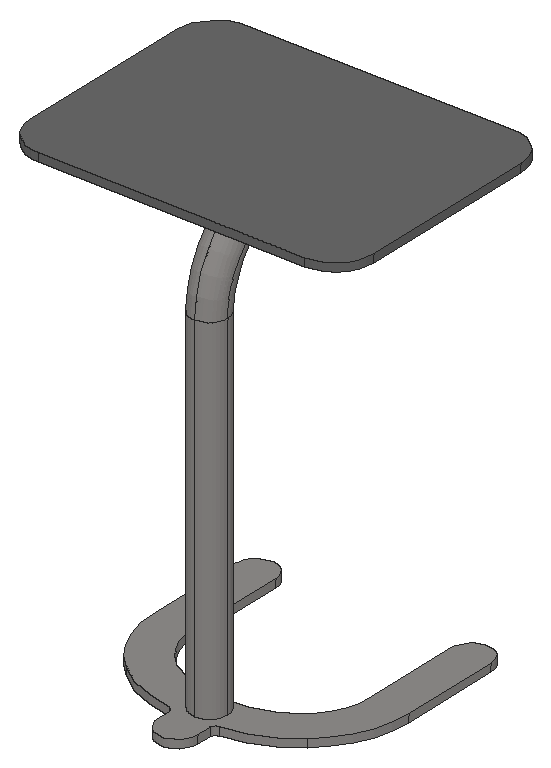
Revit family "FU_Modular_Sandler_Cosmo 1515", category Furniture, Revit 2020
Family settings
  OmniClass Number = 23.40.20.00
  OmniClass Title = General Furniture and Specialties
  Work Plane-Based = No
  Always vertical = Yes
  Cut with Voids When Loaded = No
  Shared = No
  Room Calculation Point = No
Parameters (values of type "Cosmo 1515")
  Width = 430 mm
  URL = "https://www.sandlerseating.com/product/cosmo-1515/"
  Top [instance] = FENIX - Black
  Model = "Cosmo 1515"
  Manufacturer = "Sandler"
  Height = 600 mm
  Frame [instance] = Metal - Paint -AL VR - Pewter
  Description = "A convenient side table in the Cosmo range of modular lounge furniture. HPL laminate table top. Steel frame with a range of color options."
  Depth = 340 mm
  Default Elevation = 0 mm
Reference planes
  plane 1 "Center (Front/Back)": y = 0
  plane 2: z = 0
  plane 3 "Center (Left/Right)": x = 0
  plane 4 "Right": x = -215
  plane 5 "Left": x = 215
  plane 6 "Back": y = 170
  plane 7 "Front": y = -170
  plane 8 "Height": z = 600
  plane 9 "Table Base": z = 590
  plane 10 "Base Top FRONT": z = 10.049
  plane 11 "Top Support FRONT": z = 587
  plane 12 "Top Thread C TOP": x = -65
  plane 13 "Top Thread L TOP": x = 65
  plane 14 "Top Thread R TOP": x = -195
  plane 15 "Top Thread Front TOP": y = -55.209
  plane 16 "Top Thread Back TOP": y = 69.375
Forms (mm)
  Sweep 1, solid, material "Metal - Paint -AL VR - Pewter" <- "Frame"
    path origin (0, 0, 0) x (0, 1, 0) y (0, 0, 1)
      loop
        line (-96.586, 10.049) -> (-96.586, 455.291)
        arc (-96.586, 455.291) -> (-66.939, 529.952) -> (5.851, 563.936) r 108.833
        line (5.851, 563.936) -> (47.06, 563.936)
    profile "Pro_Circles : 46mm" origin (0, -96.586, 232.67) x (0, -1, 0) y (1, 0, 0)
      loop
        arc (-22.967, 0.067) -> (-16.307, -16.213) -> (-0.066, -22.967) r 22.901
        arc (-0.066, -22.967) -> (16.26, -16.26) -> (22.967, 0.067) r 22.901
        arc (22.967, 0.067) -> (16.213, 16.307) -> (-0.067, 22.967) r 22.9
        arc (-0.067, 22.967) -> (-16.259, 16.259) -> (-22.967, 0.067) r 22.9
  Extrusion 2, solid, material "Metal - Paint -AL VR - Pewter" <- "Frame"
    sketch origin (0, 0, 0) x (1, 0, 0) y (0, 1, 0)
      loop
        line (-160, 144.378) -> (-160, 15.997)
        arc (-160, 15.997) -> (-147.861, -39.462) -> (-113.665, -84.78) r 132.761
        arc (-113.665, -84.78) -> (-75.329, -108.859) -> (-31.635, -120.704) r 153.45
        arc (-31.635, -120.704) -> (-26.899, -123.171) -> (-25, -128.163) r 7.51
        line (-25, -128.163) -> (-25, -146.129)
        arc (-25, -146.129) -> (0, -171.129) -> (25, -146.129) r 25
        line (25, -146.129) -> (25, -128.408)
        arc (25, -128.408) -> (26.809, -123.265) -> (31.623, -120.706) r 7.5
        arc (31.623, -120.706) -> (75.323, -108.862) -> (113.665, -84.78) r 153.45
        arc (113.665, -84.78) -> (147.861, -39.462) -> (160, 15.997) r 132.761
        line (160, 15.997) -> (160, 144.378)
        arc (160, 144.378) -> (135, 169.378) -> (110, 144.378) r 25
        line (110, 144.378) -> (110, 15.997)
        arc (110, 15.997) -> (101.922, -20.441) -> (79.201, -50.051) r 86.22
        arc (79.201, -50.051) -> (0, -74.065) -> (-79.201, -50.051) r 142.617
        arc (-79.201, -50.051) -> (-101.922, -20.441) -> (-110, 15.997) r 86.22
        line (-110, 15.997) -> (-110, 144.378)
        arc (-110, 144.378) -> (-135, 169.378) -> (-160, 144.378) r 25
    from 0 to 10
  Extrusion 3, solid, material "Metal - Paint -AL VR - Pewter" <- "Frame"
    sketch origin (0, 0, 587) x (0, -1, 0) y (1, 0, 0)
      loop
        arc (-78.958, -64.955) -> (-76.016, -72.058) -> (-68.913, -75) r 10.045
        line (-68.913, -75) -> (55.042, -75)
        arc (55.042, -75) -> (62.113, -72.071) -> (65.042, -65) r 10
        line (65.042, -65) -> (65.042, 65)
        arc (65.042, 65) -> (62.113, 72.071) -> (55.042, 75) r 10
        line (55.042, 75) -> (-68.958, 75)
        arc (-68.958, 75) -> (-76.029, 72.071) -> (-78.958, 65) r 10
        line (-78.958, 65) -> (-78.958, -64.955)
      loop
        circle (-69.379, -64.989) r 3
      loop
        circle (-69.379, 64.989) r 3
      loop
        circle (55.102, -64.989) r 3
      loop
        circle (55.102, 64.989) r 3
    from 0 to 3
  Revolve 4, solid, material "Rubber, Black"
    sketch origin (530.33, -643.293, 563.695) x (0, -1, 0) y (1, 0, 0)
      loop
        line (-695.421, -530.33) -> (-685.421, -530.33) -> (-685.421, -508.836) -> (-690.39, -508.836) -> (-690.39, -507.086)
        arc (-690.39, -507.086) -> (-690.636, -506.55) -> (-691.201, -506.385) r 0.708
        arc (-691.201, -506.385) -> (-694.22, -508.04) -> (-695.421, -511.266) r 4.933
        line (-695.421, -511.266) -> (-695.421, -530.33)
      axis (-695.421, -530.33) -> (-685.421, -530.33)
    angle from 0 to 360
  Extrusion 5, solid, material "FENIX - Black" <- "Top"
    sketch origin (0, 0, 590) x (-1, 0, 0) y (0, -1, 0)
      loop
        arc (167, -170) -> (200.941, -155.941) -> (215, -122) r 48
        line (215, -122) -> (215, 108)
        arc (215, 108) -> (200.941, 141.941) -> (167, 156) r 48
        line (167, 156) -> (-167, 156)
        arc (-167, 156) -> (-200.941, 141.941) -> (-215, 108) r 48
        line (-215, 108) -> (-215, -122)
        arc (-215, -122) -> (-200.941, -155.941) -> (-167, -170) r 48
        line (-167, -170) -> (167, -170)
    from 0 to 10
  Extrusion 6, solid, material "Metal - Chrome - Polished"
    sketch origin (0, 0, 587) x (0, -1, 0) y (1, 0, 0)
      loop
        circle (55.209, -65) r 4
    from -1 to 1
  Extrusion 7, solid, material "Metal - Chrome - Polished"
    sketch origin (0, 0, 587) x (0, -1, 0) y (1, 0, 0)
      loop
        circle (55.209, 65) r 4
    from -1 to 1
  Extrusion 8, solid, material "Metal - Chrome - Polished"
    sketch origin (-130, 0, 590) x (-1, 0, 0) y (0, -1, 0)
      loop
        circle (65, 55.209) r 4
    from -0.5 to 7
  Extrusion 9, solid, material "Metal - Chrome - Polished"
    sketch origin (0, 0, 587) x (0, -1, 0) y (1, 0, 0)
      loop
        circle (-69.208, -65) r 4
    from -1 to 1
  Extrusion 10, solid, material "Metal - Chrome - Polished"
    sketch origin (0, 0, 587) x (0, -1, 0) y (1, 0, 0)
      loop
        circle (-69.208, 65) r 4
    from -1 to 1
  Extrusion 11, solid, material "Metal - Chrome - Polished"
    sketch origin (-130, 13.999, 590) x (-1, 0, 0) y (0, -1, 0)
      loop
        circle (65, -55.209) r 4
    from -0.5 to 7
Dimensions and locks
  equal spacing: plane 4 "Right", plane 3 "Center (Left/Right)", plane 5 "Left"
  "Width": plane 4 "Right" to plane 5 "Left"
  equal spacing: plane 6 "Back", plane 1 "Center (Front/Back)", plane 7 "Front"
  "Depth": plane 6 "Back" to plane 7 "Front"
  "Height": plane 8 "Height" to level
  plane 9 "Table Base" to level = 590 mm
  aligned and locked: level to plane 2
Automatic sketch dimensions
  plane 10 "Base Top FRONT" to Sweep 1 sketch curve = 0 mm
  Sweep 1 sketch curve to plane 15 "Top Thread Front TOP" = 41.377 mm
  Sweep 1 sketch curve to plane 1 "Center (Front/Back)" = 5.851 mm
  Sweep 1 sketch curve to plane 1 "Center (Front/Back)" = 12.247 mm
  plane 11 "Top Support FRONT" to Sweep 1 sketch curve = 131.709 mm
  plane 16 "Top Thread Back TOP" to Sweep 1 sketch curve = 22.315 mm
  Extrusion 2 sketch curve to plane 3 "Center (Left/Right)" = 0 mm  (x2)
  Extrusion 2 sketch curve to plane 3 "Center (Left/Right)" = 13.771 mm
  Extrusion 2 sketch curve to Extrusion 2 sketch curve = 10.009 mm  (x2)
  Extrusion 2 sketch curve to plane 3 "Center (Left/Right)" = 25 mm
  Extrusion 2 sketch curve to Extrusion 2 sketch curve = 3.46 mm  (x2)
  Extrusion 2 sketch curve to Extrusion 2 sketch curve = 7.51 mm
  Extrusion 2 sketch curve to plane 1 "Center (Front/Back)" = 15.997 mm  (x3)
  Extrusion 2 sketch curve to plane 12 "Top Thread C TOP" = 45 mm
  Extrusion 2 sketch curve to Extrusion 2 sketch curve = 25 mm  (x2)
  plane 3 "Center (Left/Right)" to Extrusion 2 sketch curve = 13.771 mm
  Extrusion 2 sketch curve to Extrusion 2 sketch curve = 7.496 mm
  Extrusion 2 sketch curve to plane 13 "Top Thread L TOP" = 45 mm
  plane 7 "Front" to Extrusion 2 sketch curve = 41.845 mm
  plane 7 "Front" to Extrusion 2 sketch curve = 41.837 mm
  Extrusion 2 sketch curve to Extrusion 2 sketch curve = 0.253 mm
  Extrusion 2 sketch curve to Extrusion 2 sketch curve = 17.721 mm
  Extrusion 2 sketch curve to Extrusion 2 sketch curve = 0 mm  (x3)
  Extrusion 2 sketch curve to Extrusion 2 sketch curve = 15.705 mm  (x2)
  plane 16 "Top Thread Back TOP" to Extrusion 2 sketch curve = 0.822 mm
  Extrusion 2 sketch curve to plane 6 "Back" = 25.622 mm  (x2)
  plane 15 "Top Thread Front TOP" to Extrusion 2 sketch curve = 5.158 mm
  plane 12 "Top Thread C TOP" to Extrusion 3 sketch curve = 0.045 mm
  Extrusion 3 sketch curve to plane 16 "Top Thread Back TOP" = 9.583 mm
  Extrusion 3 sketch curve to plane 16 "Top Thread Back TOP" = 0.004 mm  (x2)
  Extrusion 3 sketch curve to plane 13 "Top Thread L TOP" = 0 mm
  plane 16 "Top Thread Back TOP" to Extrusion 3 sketch curve = 0.417 mm
  plane 16 "Top Thread Back TOP" to Extrusion 3 sketch curve = 0.462 mm
  plane 15 "Top Thread Front TOP" to Extrusion 3 sketch curve = 0.167 mm  (x2)
  Extrusion 3 sketch curve to plane 12 "Top Thread C TOP" = 0 mm
  plane 12 "Top Thread C TOP" to Extrusion 3 sketch curve = 0.011 mm  (x2)
  Extrusion 3 sketch curve to Extrusion 3 sketch curve = 0.06 mm  (x2)
  plane 13 "Top Thread L TOP" to Extrusion 3 sketch curve = 0.011 mm  (x2)
  Revolve 4 sketch curve to plane 3 "Center (Left/Right)" = 0 mm  (x2)
  plane 16 "Top Thread Back TOP" to Revolve 4 sketch curve = 17.246 mm
  Revolve 4 sketch curve to Revolve 4 sketch curve = 4.322 mm
  Revolve 4 sketch curve to Revolve 4 sketch curve = 0.611 mm
  Revolve 4 sketch curve to Revolve 4 sketch curve = 0.708 mm
  Revolve 4 sketch curve to Revolve 4 sketch curve = 4.97 mm
  Revolve 4 sketch curve to Revolve 4 sketch curve = 19.065 mm
  Revolve 4 sketch curve to Revolve 4 sketch curve = 2.43 mm
  Revolve 4 sketch curve to Revolve 4 sketch curve = 1.75 mm
  Revolve 4 sketch curve to Revolve 4 sketch curve = 7.372 mm
  Revolve 4 sketch curve to Revolve 4 sketch curve = 19.192 mm
  Extrusion 5 sketch curve to plane 5 "Left" = 0 mm
  Extrusion 5 sketch curve to plane 6 "Back" = 0 mm
  Extrusion 5 sketch curve to plane 4 "Right" = 0 mm
  plane 7 "Front" to Extrusion 5 sketch curve = 14 mm
  plane 5 "Left" to Extrusion 5 sketch curve = 48 mm  (x2)
  Extrusion 5 sketch curve to plane 14 "Top Thread R TOP" = 28 mm  (x2)
  Extrusion 8 sketch curve to plane 14 "Top Thread R TOP" = 0 mm
  Extrusion 8 sketch curve to plane 15 "Top Thread Front TOP" = 0 mm
  Extrusion 11 sketch curve to plane 14 "Top Thread R TOP" = 0 mm
  Extrusion 11 sketch curve to plane 16 "Top Thread Back TOP" = 0.167 mm
  Extrusion 6 sketch curve to plane 12 "Top Thread C TOP" = 0 mm
  Extrusion 6 sketch curve to plane 15 "Top Thread Front TOP" = 0 mm
  Extrusion 7 sketch curve to plane 13 "Top Thread L TOP" = 0 mm
  Extrusion 7 sketch curve to plane 15 "Top Thread Front TOP" = 0 mm
  Extrusion 9 sketch curve to plane 12 "Top Thread C TOP" = 0 mm
  plane 16 "Top Thread Back TOP" to Extrusion 9 sketch curve = 0.167 mm
  Extrusion 10 sketch curve to plane 13 "Top Thread L TOP" = 0 mm
  plane 16 "Top Thread Back TOP" to Extrusion 10 sketch curve = 0.167 mm
  radius of Extrusion 3 sketch curve = 3 mm  (x4)
  radius of Extrusion 8 sketch curve = 4 mm
  radius of Extrusion 11 sketch curve = 4 mm
  radius of Extrusion 6 sketch curve = 4 mm
  radius of Extrusion 7 sketch curve = 4 mm
  radius of Extrusion 9 sketch curve = 4 mm
  radius of Extrusion 10 sketch curve = 4 mm
